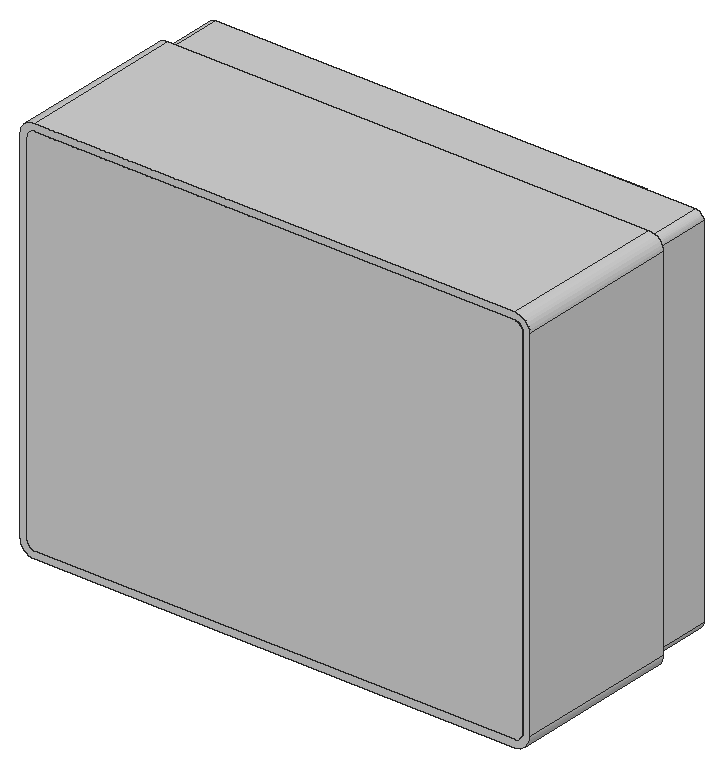
Revit family "Building-IEC309Connections-GEWISS-44IB-INTERLOCKED-SOCKET-OUTLETS_IP44_WITH_BOTTOM_FUS", category Apparecchi elettrici, host Muro, Revit 2016
Family settings
  Host = Muro
  Mantenere orientamento annotazione = Sì
  Tipo di parte = Normale
  Quota connettore circolare = Usa diametro
  Numero OmniClass = 23.80.50.14
  Titolo OmniClass = Plug Connectors
  Sempre verticale = Sì
  Taglio con vuoti quando caricato = No
  Condiviso = No
  Punto di calcolo locali = No
Parameters (values of type "GW66044 - 32A 3P+N+E 500V H.INT.SOCK.O.W.B. 7H CBF")
  Working temperature = "-25 ÷ +40 °C"
  With back-mounting box = "Yes"
  Vista di pianta [instance] = yes
  Vetro = GEWISS - vetro
  Version file RFA = "18.0"
  URL = "https://www.gewiss.com/ww/en"
  Typology = "Horizontal"
  Tipo Simbolo = PRESAINDPFUS : 3P
  Thermo-pressure with ball = "125 °C (active parts) - 80 °C (passive parts)"
  Technical sheet = "https://www.gewiss.com/ww/en/search?q=GW66044"
  Struttura = GEWISS - Grigio RAL - 7035
  Simbolo [instance] = yes
  Shock resistance = "IK08"
  SEO = "Socket outlet"
  Reference h = "7"
  Realized by GEWISS S.p.A. = ""
  Rated voltage = "480-500V"
  Rated frequency (Hz) = "50/60 Hz"
  Rated current (In) = "32"
  Rated current (A) = "32"
  Protection = "Fuse-holder base (CBF)"
  Produttore = "GEWISS S.p.A."
  Presa = GEWISS - NERO
  Potenza = 500 V
  Operating temperature: = "-25 +40 °C"
  Numero poli = 3
  Number of poles = "3P+N+E"
  No. of poles = "3P+N+E"
  Modello = "GW66044"
  Immagine tipo = GW66032.jpg
  IP degree = "IP44"
  IFC.TypeObject = ""
  IFC.ExportType = ""
  IFC.ExportAs = ""
  IDT = "df42792c-0395-498e-ac0c-0b2d4cd197bd"
  IDF = "6ad67383-5a29-4481-a0b8-72c9e5411bd3"
  Glow wire test: = "850 °C (active parts) - 650 °C (passive parts)"
  Glow Wire Test = "850 °C (active parts) - 650 °C (passive parts)"
  Fuses holder = "gG"
  Fuse breacking capacity = "> 50 kA"
  Frequency = "50/60 Hz"
  Electrocod = "2220"
  EAN code = "8011564006225"
  Distanza orizzontale del simbolo [instance] = 0 mm
  Distanza dal muro [instance] = 0 mm
  Descrizione = "32A 3P+N+E 500V H.INT.SOCK.O.W.B. 7H CBF"
  Cornice simbolo [instance] = yes
  Colour: = "Black"
  Colour = "Black"
  Classificazione carico = Altro
  Catalogue Range = "44 IB"
  Catalogue = "BUILDING"
  Carico apparente = 0 VA
  COBie.Tagnumber = ""
  COBie.CreatedOn = ""
  COBie.CreatebBy = ""
  COBie.ComponentRegisterItemID = ""
  COBie.Component.TagNumber = ""
  COBie.Component.Space = ""
  COBie.Component.SerialNumber = ""
  COBie.Component.InstallationDate = ""
  COBie.Component.Description = ""
  COBie.Component.BarCode = ""
  Altezza da terra = 820 mm
Types (22, lengths in mm): name | Tipo Simbolo | Technical sheet | Reference h | Rated voltage | Rated current (In) | Rated current (A) | Presa | Potenza | Numero poli | Number of poles | No. of poles | Modello | Immagine tipo | IDT | Fuses holder | EAN code | Descrizione | Colour: | Colour
  GW66023 - 16A 2P+E 110V H.INT.SOCK.O.W.B. 4H CBF | PRESAINDPFUS : 2P | "https://www.gewiss.com/ww/en/search?q=GW66023" | "4" | "100-130V" | "16" | "16" | GEWISS - GIALLO | 110 V | 2 | "2P+E" | "2P+E" | "GW66023" | GW66023.jpg | "7089f5e2-a839-404b-b1ac-23f6156b561d" | "E14" | "8011564005891" | "16A 2P+E 110V H.INT.SOCK.O.W.B. 4H CBF" | "Yellow" | "Yellow"
  GW66024 - 16A 3P+E 110V H.INT.SOCK.O.W.B. 4H CBF | PRESAINDPFUS : 3P | "https://www.gewiss.com/ww/en/search?q=GW66024" | "4" | "100-130V" | "16" | "16" | GEWISS - GIALLO | 110 V | 3 | "3P+E" | "3P+E" | "GW66024" | GW66023.jpg | "faed8e30-7982-47ab-b1a3-6cb02420e8c1" | "E14" | "8011564005952" | "16A 3P+E 110V H.INT.SOCK.O.W.B. 4H CBF" | "Yellow" | "Yellow"
  GW66025 - 16A 3P+N+E 110V H.INT.SOCK.O.W.B. 4H CBF | PRESAINDPFUS : 3P | "https://www.gewiss.com/ww/en/search?q=GW66025" | "4" | "100-130V" | "16" | "16" | GEWISS - GIALLO | 110 V | 3 | "3P+N+E" | "3P+N+E" | "GW66025" | GW66023.jpg | "f794b271-261a-4955-9689-fe424ae59c58" | "E14" | "8011564005976" | "16A 3P+N+E 110V H.INT.SOCK.O.W.B. 4H CBF" | "Yellow" | "Yellow"
  GW66026 - 16A 2P+E 230V H.INT.SOCK.O.W.B. 6H CBF | PRESAINDPFUS : 2P | "https://www.gewiss.com/ww/en/search?q=GW66026" | "6" | "200-250V" | "16" | "16" | GEWISS -BLU | 230 V | 2 | "2P+E" | "2P+E" | "GW66026" | GW66026.jpg | "bef3f5e3-376a-4413-a2ae-b2fcd255f968" | "E14" | "8011564005907" | "16A 2P+E 230V H.INT.SOCK.O.W.B. 6H CBF" | "Blue" | "Blue"
  GW66027 - 16A 3P+E 230V H.INT.SOCK.O.W.B. 9H CBF | PRESAINDPFUS : 3P | "https://www.gewiss.com/ww/en/search?q=GW66027" | "9" | "200-250V" | "16" | "16" | GEWISS -BLU | 230 V | 3 | "3P+E" | "3P+E" | "GW66027" | GW66026.jpg | "71c747aa-cdfa-4e2f-be48-f6888ddb8eda" | "E14" | "8011564005914" | "16A 3P+E 230V H.INT.SOCK.O.W.B. 9H CBF" | "Blue" | "Blue"
  GW66028 - 16A 3P+N+E 230V H.INT.SOCK.O.W.B. 9H CBF | PRESAINDPFUS : 3P | "https://www.gewiss.com/ww/en/search?q=GW66028" | "9" | "200-250V" | "16" | "16" | GEWISS -BLU | 230 V | 3 | "3P+N+E" | "3P+N+E" | "GW66028" | GW66026.jpg | "211f3e4e-be92-4a07-9fb2-628839dfcca9" | "E14" | "8011564005983" | "16A 3P+N+E 230V H.INT.SOCK.O.W.B. 9H CBF" | "Blue" | "Blue"
  GW66029 - 16A 2P+E 400V H.INT.SOCK.O.W.B. 9H CBF | PRESAINDPFUS : 2P | "https://www.gewiss.com/ww/en/search?q=GW66029" | "9" | "380-415V" | "16" | "16" | GW - ROSSO | 400 V | 2 | "2P+E" | "2P+E" | "GW66029" | GW66029.jpg | "d4ac351d-1cb4-4c20-9424-959a358040b4" | "E14" | "8011564005945" | "16A 2P+E 400V H.INT.SOCK.O.W.B. 9H CBF" | "Red" | "Red"
  GW66030 - 16A 3P+E 400V H.INT.SOCK.O.W.B. 6H CBF | PRESAINDPFUS : 3P | "https://www.gewiss.com/ww/en/search?q=GW66030" | "6" | "380-415V" | "16" | "16" | GW - ROSSO | 400 V | 3 | "3P+E" | "3P+E" | "GW66030" | GW66029.jpg | "9a044153-0dc8-4aea-90c0-5b9d60a92764" | "E14" | "8011564005921" | "16A 3P+E 400V H.INT.SOCK.O.W.B. 6H CBF" | "Red" | "Red"
  GW66031 - 16A 3P+N+E 400V H.INT.SOCK.O.W.B. 6H CBF | PRESAINDPFUS : 3P | "https://www.gewiss.com/ww/en/search?q=GW66031" | "6" | "380-415V" | "16" | "16" | GW - ROSSO | 400 V | 3 | "3P+N+E" | "3P+N+E" | "GW66031" | GW66029.jpg | "97bfc1d2-dba9-4f15-a97c-6b4be0dd6ee4" | "E14" | "8011564005938" | "16A 3P+N+E 400V H.INT.SOCK.O.W.B. 6H CBF" | "Red" | "Red"
  GW66032 - 16A 3P+E 500V H.INT.SOCK.O.W.B. 7H CBF | PRESAINDPFUS : 3P | "https://www.gewiss.com/ww/en/search?q=GW66032" | "7" | "480-500V" | "16" | "16" | GEWISS - NERO | 500 V | 3 | "3P+E" | "3P+E" | "GW66032" | GW66032.jpg | "814da120-f07b-48a8-903f-843956a2b16c" | "gG" | "8011564005969" | "16A 3P+E 500V H.INT.SOCK.O.W.B. 7H CBF" | "Black" | "Black"
  GW66033 - 16A 3P+N+E 500V H.INT.SOCK.O.W.B. 7H CBF | PRESAINDPFUS : 3P | "https://www.gewiss.com/ww/en/search?q=GW66033" | "7" | "480-500V" | "16" | "16" | GEWISS - NERO | 500 V | 3 | "3P+N+E" | "3P+N+E" | "GW66033" | GW66032.jpg | "54b80668-78cd-4298-9e84-f3502b01ba6b" | "gG" | "8011564005990" | "16A 3P+N+E 500V H.INT.SOCK.O.W.B. 7H CBF" | "Black" | "Black"
  GW66034 - 32A 2P+E 110V H.INT.SOCK.O.W.B. 4H CBF | PRESAINDPFUS : 2P | "https://www.gewiss.com/ww/en/search?q=GW66034" | "4" | "100-130V" | "32" | "32" | GEWISS - GIALLO | 110 V | 2 | "2P+E" | "2P+E" | "GW66034" | GW66023.jpg | "e14145ee-42ad-4c2f-a1ae-1e5d2afd0aa0" | "E18" | "8011564006010" | "32A 2P+E 110V H.INT.SOCK.O.W.B. 4H CBF" | "Yellow" | "Yellow"
  GW66035 - 32A 3P+E 110V H.INT.SOCK.O.W.B. 4H CBF | PRESAINDPFUS : 3P | "https://www.gewiss.com/ww/en/search?q=GW66035" | "4" | "100-130V" | "32" | "32" | GEWISS - GIALLO | 110 V | 3 | "3P+E" | "3P+E" | "GW66035" | GW66023.jpg | "ec2e3317-898e-4865-b65e-7755d8ee4a45" | "E18" | "8011564006058" | "32A 3P+E 110V H.INT.SOCK.O.W.B. 4H CBF" | "Yellow" | "Yellow"
  GW66036 - 32A 3P+N+E 110V H.INT.SOCK.O.W.B. 4H CBF | PRESAINDPFUS : 3P | "https://www.gewiss.com/ww/en/search?q=GW66036" | "4" | "100-130V" | "32" | "32" | GEWISS - GIALLO | 110 V | 3 | "3P+N+E" | "3P+N+E" | "GW66036" | GW66023.jpg | "dc7ca188-32bf-4b8a-8f8d-33004da69451" | "E18" | "8011564006089" | "32A 3P+N+E 110V H.INT.SOCK.O.W.B. 4H CBF" | "Yellow" | "Yellow"
  GW66037 - 32A 2P+E 230V H.INT.SOCK.O.W.B. 6H CBF | PRESAINDPFUS : 2P | "https://www.gewiss.com/ww/en/search?q=GW66037" | "6" | "200-250V" | "32" | "32" | GEWISS -BLU | 230 V | 2 | "2P+E" | "2P+E" | "GW66037" | GW66026.jpg | "9219b392-53db-47fd-8626-02f59db4b2c3" | "E18" | "8011564006003" | "32A 2P+E 230V H.INT.SOCK.O.W.B. 6H CBF" | "Blue" | "Blue"
  GW66038 - 32A 3P+E 230V H.INT.SOCK.O.W.B. 9H CBF | PRESAINDPFUS : 3P | "https://www.gewiss.com/ww/en/search?q=GW66038" | "9" | "200-250V" | "32" | "32" | GEWISS -BLU | 230 V | 3 | "3P+E" | "3P+E" | "GW66038" | GW66026.jpg | "b5363449-777e-4122-bc3e-04f859593efd" | "E18" | "8011564006065" | "32A 3P+E 230V H.INT.SOCK.O.W.B. 9H CBF" | "Blue" | "Blue"
  GW66039 - 32A 3P+N+E 230V H.INT.SOCK.O.W.B. 9H CBF | PRESAINDPFUS : 3P | "https://www.gewiss.com/ww/en/search?q=GW66039" | "9" | "200-250V" | "32" | "32" | GEWISS -BLU | 230 V | 3 | "3P+N+E" | "3P+N+E" | "GW66039" | GW66026.jpg | "d8acc83b-5722-4cd3-87bf-d884a55272f4" | "E18" | "8011564006119" | "32A 3P+N+E 230V H.INT.SOCK.O.W.B. 9H CBF" | "Blue" | "Blue"
  GW66040 - 32A 2P+E 400V H.INT.SOCK.O.W.B. 9H CBF | PRESAINDPFUS : 2P | "https://www.gewiss.com/ww/en/search?q=GW66040" | "9" | "380-415V" | "32" | "32" | GW - ROSSO | 400 V | 2 | "2P+E" | "2P+E" | "GW66040" | GW66029.jpg | "b1fa73f3-0cfe-4431-999d-cca88d5c23a1" | "E18" | "8011564006041" | "32A 2P+E 400V H.INT.SOCK.O.W.B. 9H CBF" | "Red" | "Red"
  GW66041 - 32A 3P+E 400V H.INT.SOCK.O.W.B. 6H CBF | PRESAINDPFUS : 3P | "https://www.gewiss.com/ww/en/search?q=GW66041" | "6" | "380-415V" | "32" | "32" | GW - ROSSO | 400 V | 3 | "3P+E" | "3P+E" | "GW66041" | GW66029.jpg | "06b2d60c-f5c9-42ce-85d4-d74801b8748a" | "E18" | "8011564006027" | "32A 3P+E 400V H.INT.SOCK.O.W.B. 6H CBF" | "Red" | "Red"
  GW66042 - 32A 3P+N+E 400V H.INT.SOCK.O.W.B. 6H CBF | PRESAINDPFUS : 3P | "https://www.gewiss.com/ww/en/search?q=GW66042" | "6" | "380-415V" | "32" | "32" | GW - ROSSO | 400 V | 3 | "3P+N+E" | "3P+N+E" | "GW66042" | GW66029.jpg | "33cbc6e3-2c31-487a-9b59-384031c23020" | "E18" | "8011564006034" | "32A 3P+N+E 400V H.INT.SOCK.O.W.B. 6H CBF" | "Red" | "Red"
  GW66043 - 32A 3P+E 500V H.INT.SOCK.O.W.B. 7H CBF | PRESAINDPFUS : 3P | "https://www.gewiss.com/ww/en/search?q=GW66043" | "7" | "480-500V" | "32" | "32" | GEWISS - NERO | 500 V | 3 | "3P+E" | "3P+E" | "GW66043" | GW66032.jpg | "94724e19-a5ed-499c-9114-67e138ce8689" | "gG" | "8011564006072" | "32A 3P+E 500V H.INT.SOCK.O.W.B. 7H CBF" | "Black" | "Black"
  GW66044 - 32A 3P+N+E 500V H.INT.SOCK.O.W.B. 7H CBF | PRESAINDPFUS : 3P | "https://www.gewiss.com/ww/en/search?q=GW66044" | "7" | "480-500V" | "32" | "32" | GEWISS - NERO | 500 V | 3 | "3P+N+E" | "3P+N+E" | "GW66044" | GW66032.jpg | "df42792c-0395-498e-ac0c-0b2d4cd197bd" | "gG" | "8011564006225" | "32A 3P+N+E 500V H.INT.SOCK.O.W.B. 7H CBF" | "Black" | "Black"
Reference planes
  plane 1 "Muro": y = 0
  plane 2 "Centro (Sinistra/Destra)": x = 125
  plane 3 "Indietro": y = 75
  plane 4: z = 820
  plane 5: x = 125
Lines and regions (mm)
  Masking region 1, visible <- "Vista di pianta"
    outline origin (0, 0, 0) x (1, 0, 0) y (0, 1, 0)
      loop
        line (27, 75) -> (223, 75) -> (223, 139) -> (27, 139) -> (27, 75)
      loop
        line (49.01, 162) -> (98.488, 162) -> (98.488, 170) -> (49.01, 170) -> (49.01, 162)
      loop
        line (140.334, 170) -> (140.334, 162) -> (208.338, 162) -> (208.338, 170) -> (140.334, 170)
  Masking region 2, visible <- "Vista di pianta"
    outline origin (0, 0, 0) x (1, 0, 0) y (0, 1, 0)
      loop
        line (29.75, 162) -> (29.75, 139) -> (220.228, 139) -> (220.228, 162) -> (29.75, 162)
  Masking region 3
    outline origin (125, 0, 0) x (0, 1, 0) y (0, 0, 1)
      loop
        line (75, 820) -> (139, 820) -> (139, 970) -> (75, 970) -> (75, 820)
      loop
        line (162, 960.961) -> (162, 871.413) -> (170, 871.413) -> (170, 960.961) -> (162, 960.961)
  Masking region 4
    outline origin (125, 0, 0) x (0, 1, 0) y (0, 0, 1)
      loop
        line (162, 967.25) -> (139, 967.25) -> (139, 822.772) -> (162, 822.772) -> (162, 967.25)
Text (mm)
  text "Lato posizionamento" at (-1848.837, 1116.779, 0), in view "Livello rif."
  text "Lato posizionamento" at (0, 1409.804, 2854.306), in view "Sinistra"
  text "Lato posizionamento" at (0, 499.811, 2980.732), in view "Destra"
Dimensions and locks
  locked: plane 3 "Indietro" to host wall
  "Altezza da terra": level to plane 4
  "Distanza orizzontale del simbolo": plane 5 to plane 2 "Centro (Sinistra/Destra)"
  aligned and locked: plane 1 "Muro" to host wall
  aligned and locked: plane 4 to nested 1
  aligned and locked: Masking region 1 sketch curve to nested 1  (x7)
  aligned and locked: nested 1 to Masking region 1 sketch curve
  aligned and locked: Masking region 2 sketch curve to nested 1  (x3)
  aligned and locked: plane 5 to nested 2
  aligned and locked: Masking region 3 sketch curve to nested 1  (x6)
  aligned and locked: nested 1 to Masking region 4 sketch curve
  aligned and locked: Masking region 4 sketch curve to nested 1
  aligned and locked: nested 3 to plane 4
  aligned and locked: plane 2 "Centro (Sinistra/Destra)" to nested 3
  aligned and locked: nested 1 to plane 3 "Indietro"
Automatic sketch dimensions
  Masking region 1 sketch curve to Masking region 1 sketch curve = 22.01 mm
  Masking region 1 sketch curve to plane 2 "Centro (Sinistra/Destra)" = 26.512 mm
  plane 2 "Centro (Sinistra/Destra)" to Masking region 1 sketch curve = 15.334 mm
  Masking region 1 sketch curve to Masking region 1 sketch curve = 14.662 mm
  plane 2 "Centro (Sinistra/Destra)" to Masking region 2 sketch curve = 95.228 mm
  plane 4 to Masking region 3 sketch curve = 51.413 mm
  Masking region 3 sketch curve to Masking region 3 sketch curve = 9.039 mm
  plane 4 to Masking region 4 sketch curve = 2.772 mm
  Masking region 4 sketch curve to Masking region 4 sketch curve = 144.478 mm
Nested families
  nested 1: "IB PRESE INTERBLOC portaf ORIZ" at (125, 75, 233.117) x (-1, 0, 0) z (0, 0, 1), type "IB PRESE INTERBLOC portaf ORIZ"
  nested 2: "PRESAINDPFUS" at (125, 73, 0), Distanza dal muro <- "Distanza dal muro", BORDO ACCESO <- "Cornice simbolo", SIMBOLO ACCESO <- "Simbolo", type <- "Tipo Simbolo", type "3P"
    with SIMBOLO ACCESO yes, Distanza dal muro 0 mm, BORDO ACCESO yes
  nested 3: "2D - IB PRESE INTERBLOC ORIZ + PORTAFUS IP44" at (125, 0, 895) x (-1, 0, 0) z (0, -1, 0), type "BIDIMENSIONALE"
Connectors
  electrical at (125, 107, 820), driven by "Numero poli", driven by "Classificazione carico", driven by "Carico apparente", driven by "Potenza"
    settings: on nested 1, index 1, voltage 500 V, apparent load 0 VA, apparent load phase1 0 VA, apparent load phase2 0 VA, apparent load phase3 0 VA, power factor 1, load classification "Altro", number of poles 3, system type 31, power factor state 1, is connector primary yes, connector utility no, sub classification motor no, connector description ""
Definition of nested family "IB PRESE INTERBLOC portaf ORIZ"
  Parameters (values of type "IB PRESE INTERBLOC portaf ORIZ")
    Vetro = none
    Struttura = none
    Spessore = 160 mm
    Default Elevation = 14 mm
    Presa = none
    Lunghezza = 196 mm
    IFC.TypeObject = ""
    IFC.ExportType = ""
    IFC.ExportAs = ""
    H_da terra = 586.883 mm
    COBie.CreatedOn = ""
    COBie.CreatebBy = ""
    COBie.ComponentRegisterItemID = ""
    COBie.Component.TagNumber = ""
    COBie.Component.Space = ""
    COBie.Component.SerialNumber = ""
    COBie.Component.InstallationDate = ""
    COBie.Component.Description = ""
    COBie.Component.BarCode = ""
    Altezza = 150 mm
  Reference planes
    plane 1 "Centro (Fronte/Retro)": y = 0
    plane 2: z = 0
    plane 3 "Centro (Sinistra/Destra)": x = 0
    plane 4: y = -64
    plane 5: x = -98
    plane 6: z = 736.883
    plane 7: x = 98
    plane 8: z = 586.883
    plane 9: z = 734.133
    plane 10: x = -95.25
    plane 11: z = 589.633
    plane 12: x = 95.25
    plane 13: y = -87
    plane 14: y = -95
  Forms (mm)
    Extrusion 1, solid, material <- "Struttura"
      sketch origin (0, 0, 0) x (1, 0, 0) y (0, 0, 1)
        loop
          arc (-92.456, 736.883) -> (-96.376, 735.259) -> (-98, 731.34) r 5.544
          line (-98, 731.34) -> (-98, 592.427)
          arc (-98, 592.427) -> (-96.376, 588.507) -> (-92.456, 586.883) r 5.544
          line (-92.456, 586.883) -> (92.456, 586.883)
          arc (92.456, 586.883) -> (96.376, 588.507) -> (98, 592.427) r 5.544
          line (98, 592.427) -> (98, 731.34)
          arc (98, 731.34) -> (96.376, 735.259) -> (92.456, 736.883) r 5.544
          line (92.456, 736.883) -> (-92.456, 736.883)
      from 0 to 64
    Extrusion 2, solid, material <- "Struttura"
      sketch origin (0, 0, 0) x (1, 0, 0) y (0, 0, 1)
        loop
          line (-95.25, 731.134) -> (-95.25, 592.633)
          arc (-95.25, 592.633) -> (-94.372, 590.512) -> (-92.251, 589.633) r 3
          line (-92.251, 589.633) -> (92.251, 589.633)
          arc (92.251, 589.633) -> (94.372, 590.512) -> (95.25, 592.633) r 3
          line (95.25, 592.633) -> (95.25, 731.134)
          arc (95.25, 731.134) -> (94.372, 733.255) -> (92.251, 734.133) r 3
          line (92.251, 734.133) -> (-92.251, 734.133)
          arc (-92.251, 734.133) -> (-94.372, 733.255) -> (-95.25, 731.134) r 3
      from 0 to 87
    Extrusion 3, solid
      sketch origin (0, 0, 0) x (1, 0, 0) y (0, 0, 1)
        loop
          circle (51.251, 703.105) r 24.739
        loop
          circle (51.251, 703.105) r 22.94
      from 87 to 95
    Extrusion 4, solid
      sketch origin (0, 0, 0) x (1, 0, 0) y (0, 0, 1)
        loop
          arc (44.954, 681.047) -> (51.251, 680.165) -> (57.548, 681.047) r 22.94
          line (57.548, 681.047) -> (57.548, 725.164)
          arc (57.548, 725.164) -> (51.251, 726.045) -> (44.954, 725.164) r 22.94
          line (44.954, 725.164) -> (44.954, 681.047)
      from 87 to 95
    Extrusion 5, solid
      sketch origin (0, 0, 0) x (1, 0, 0) y (0, 0, 1)
        loop
          line (-45.177, 720.626) -> (-77.753, 720.626)
          arc (-77.753, 720.626) -> (-83.817, 718.114) -> (-86.328, 712.051) r 8.576
          line (-86.328, 712.051) -> (-86.328, 643.46)
          arc (-86.328, 643.46) -> (-83.818, 637.4) -> (-77.758, 634.89) r 8.57
          line (-77.758, 634.89) -> (-19.254, 634.89)
          arc (-19.254, 634.89) -> (-13.188, 637.402) -> (-10.675, 643.468) r 8.578
          line (-10.675, 643.468) -> (-10.675, 712.051)
          arc (-10.675, 712.051) -> (-13.187, 718.114) -> (-19.25, 720.626) r 8.575
          line (-19.25, 720.626) -> (-45.177, 720.626)
      from 87 to 87.989
    Extrusion 6, solid, material <- "Presa"
      sketch origin (0, 0, 0) x (1, 0, 0) y (0, 0, 1)
        loop
          circle (-49.336, 677.759) r 34.002
      from 87 to 95
    Extrusion 7, solid, material <- "Presa"
      sketch origin (0, 0, 0) x (1, 0, 0) y (0, 0, 1)
        loop
          line (-33.371, 725.547) -> (-63.631, 725.547) -> (-63.631, 647.738)
          arc (-63.631, 647.738) -> (-62.237, 643.203) -> (-58.535, 640.236) r 8.07
          arc (-58.535, 640.236) -> (-48.501, 638.067) -> (-38.467, 640.236) r 24.294
          arc (-38.467, 640.236) -> (-34.765, 643.203) -> (-33.371, 647.738) r 8.07
          line (-33.371, 647.738) -> (-33.371, 725.547)
      from 87 to 99.049
    Extrusion 8, void
      sketch origin (0, 0, 0) x (1, 0, 0) y (0, 0, 1)
        loop
          line (92.023, 656.435) -> (8.849, 656.435)
          arc (8.849, 656.435) -> (7.423, 655.844) -> (6.832, 654.417) r 2.017
          line (6.832, 654.417) -> (6.832, 592.867)
          arc (6.832, 592.867) -> (7.423, 591.44) -> (8.849, 590.85) r 2.017
          line (8.849, 590.85) -> (92.023, 590.85)
          arc (92.023, 590.85) -> (93.449, 591.44) -> (94.04, 592.867) r 2.017
          line (94.04, 592.867) -> (94.04, 654.417)
          arc (94.04, 654.417) -> (93.449, 655.844) -> (92.023, 656.435) r 2.017
      from 82.324 to 87
    Extrusion 9, solid, material <- "Vetro"
      sketch origin (0, 0, 0) x (1, 0, 0) y (0, 0, 1)
        loop
          arc (8.849, 656.435) -> (7.423, 655.844) -> (6.832, 654.417) r 2.017
          line (6.832, 654.417) -> (6.832, 592.867)
          arc (6.832, 592.867) -> (7.423, 591.44) -> (8.849, 590.85) r 2.017
          line (8.849, 590.85) -> (92.023, 590.85)
          arc (92.023, 590.85) -> (93.449, 591.44) -> (94.04, 592.867) r 2.017
          line (94.04, 592.867) -> (94.04, 654.417)
          arc (94.04, 654.417) -> (93.449, 655.844) -> (92.023, 656.435) r 2.017
          line (92.023, 656.435) -> (8.849, 656.435)
      from 82.324 to 87
  Cuts and joins
    Extrusion 8 cuts Extrusion 1
    Extrusion 8 cuts Extrusion 2
  Dimensions and locks
    "H_da terra": plane 8 to plane 2
    "Altezza": plane 6 to plane 8
    equal spacing: plane 5, plane 3 "Centro (Sinistra/Destra)", plane 7
    "Lunghezza": plane 5 to plane 7
    locked: plane 1 "Centro (Fronte/Retro)" to plane 4 at 64
    locked: plane 5 to plane 10 at 2.75
    locked: plane 7 to plane 12 at 2.75
    locked: plane 6 to plane 9 at 2.75
    locked: plane 11 to plane 8 at 2.75
    locked: plane 4 to plane 13 at 23
    locked: plane 7 to Extrusion 3 sketch curve at 46.749  (x2)
    locked: plane 14 to plane 13 at 8
    locked: Extrusion 5 sketch curve to Extrusion 5 sketch curve at 75.653
    locked: plane 5 to Extrusion 5 sketch curve at 11.672
    locked: plane 6 to Extrusion 5 sketch curve at 16.257
    locked: Extrusion 5 to Extrusion 2 at 0.989
    locked: cut or joined group of Extrusion 2, Extrusion 8 to cut or joined group of Extrusion 2, Extrusion 8 at 4.676
    plane 8 to Extrusion 9 = 69.552 mm
    aligned and locked: level to plane 2
    aligned and locked: Extrusion 1 sketch curve to plane 6
    aligned and locked: Extrusion 1 sketch curve to plane 5
    aligned and locked: Extrusion 1 sketch curve to plane 7
    aligned and locked: Extrusion 1 sketch curve to plane 8
    aligned and locked: Extrusion 1 to plane 4
    aligned and locked: Extrusion 2 sketch curve to plane 10
    aligned and locked: Extrusion 2 sketch curve to plane 11
    aligned and locked: Extrusion 2 sketch curve to plane 9
    aligned and locked: Extrusion 2 sketch curve to plane 12
    aligned and locked: Extrusion 2 to plane 13
    aligned and locked: Extrusion 3 to Extrusion 2
    aligned and locked: plane 14 to Extrusion 3
    aligned and locked: plane 13 to Extrusion 4
    aligned and locked: plane 14 to Extrusion 4
    aligned and locked: plane 13 to Extrusion 5
    aligned and locked: plane 13 to Extrusion 6
    aligned and locked: plane 14 to Extrusion 6
    aligned and locked: plane 13 to Extrusion 7
    aligned and locked: Extrusion 8 to plane 13
    aligned and locked: Extrusion 9 to cut or joined group of Extrusion 2, Extrusion 8
    aligned and locked: Extrusion 9 to plane 13
  Automatic sketch dimensions
    Extrusion 1 sketch curve to plane 5 = 5.544 mm  (x2)
    Extrusion 1 sketch curve to plane 6 = 5.544 mm
    Extrusion 1 sketch curve to plane 7 = 5.544 mm
    plane 10 to Extrusion 2 sketch curve = 3 mm
    Extrusion 2 sketch curve to Extrusion 2 sketch curve = 3 mm  (x2)
    Extrusion 2 sketch curve to plane 11 = 3 mm
    Extrusion 3 sketch curve to Extrusion 3 sketch curve = 0 mm
    plane 9 to Extrusion 3 sketch curve = 31.028 mm
    Extrusion 4 sketch curve to plane 12 = 43.999 mm
    Extrusion 4 sketch curve to Extrusion 4 sketch curve = 6.297 mm
    plane 9 to Extrusion 4 sketch curve = 8.969 mm  (x2)
    Extrusion 4 sketch curve to Extrusion 4 sketch curve = 0 mm  (x3)
    Extrusion 4 sketch curve to Extrusion 4 sketch curve = 22.059 mm
    Extrusion 5 sketch curve to Extrusion 5 sketch curve = 8.57 mm
    Extrusion 5 sketch curve to Extrusion 5 sketch curve = 8.576 mm
    Extrusion 5 sketch curve to plane 3 "Centro (Sinistra/Destra)" = 19.25 mm
    Extrusion 5 sketch curve to Extrusion 5 sketch curve = 8.578 mm
    Extrusion 5 sketch curve to plane 11 = 45.257 mm
    plane 9 to Extrusion 5 sketch curve = 22.082 mm
    Extrusion 5 sketch curve to Extrusion 5 sketch curve = 32.575 mm
    Extrusion 5 sketch curve to Extrusion 5 sketch curve = 25.927 mm
    plane 10 to Extrusion 6 sketch curve = 45.914 mm
    plane 9 to Extrusion 6 sketch curve = 56.374 mm
    plane 10 to Extrusion 7 sketch curve = 31.619 mm
    Extrusion 7 sketch curve to Extrusion 7 sketch curve = 8.07 mm
    Extrusion 7 sketch curve to Extrusion 7 sketch curve = 7.061 mm
    Extrusion 7 sketch curve to Extrusion 7 sketch curve = 14.122 mm
    plane 9 to Extrusion 7 sketch curve = 8.586 mm
    Extrusion 7 sketch curve to Extrusion 7 sketch curve = 30.261 mm
    Extrusion 7 sketch curve to Extrusion 7 sketch curve = 63.187 mm
    Extrusion 7 sketch curve to Extrusion 7 sketch curve = 14.623 mm  (x2)
    Extrusion 7 sketch curve to Extrusion 7 sketch curve = 2.973 mm
    plane 3 "Centro (Sinistra/Destra)" to Extrusion 8 sketch curve = 6.832 mm
    Extrusion 8 sketch curve to plane 11 = 1.216 mm
    Extrusion 8 sketch curve to Extrusion 8 sketch curve = 2.017 mm  (x2)
    Extrusion 8 sketch curve to plane 12 = 3.227 mm  (x2)
    Extrusion 8 sketch curve to plane 12 = 1.21 mm
    Extrusion 8 sketch curve to Extrusion 8 sketch curve = 61.55 mm
    plane 3 "Centro (Sinistra/Destra)" to Extrusion 9 sketch curve = 6.832 mm
    Extrusion 9 sketch curve to Extrusion 9 sketch curve = 2.017 mm  (x2)
    Extrusion 9 sketch curve to plane 12 = 3.227 mm  (x2)
    Extrusion 9 sketch curve to plane 12 = 1.21 mm
    Extrusion 9 sketch curve to plane 11 = 1.216 mm
    Extrusion 9 sketch curve to Extrusion 9 sketch curve = 61.55 mm
    radius of Extrusion 3 sketch curve = 24.739 mm
    radius of Extrusion 3 sketch curve = 22.94 mm
    radius of Extrusion 6 sketch curve = 34.002 mm
Definition of nested family "PRESAINDPFUS"
  Parameters (values of type "2P")
    SIMBOLO ACCESO [instance] = yes
    SIMBOLO = PRESAINDPFUS_BASE : 2P
    Distanza dal muro [instance] = 0 mm
    BORDO ACCESO [instance] = yes
  Types (2, lengths in mm): name | SIMBOLO
    2P | PRESAINDPFUS_BASE : 2P
    3P | PRESAINDPFUS_BASE : 3P
  Reference planes
    plane 1: y = 0
    plane 2: x = 0
  Dimensions and locks
    "Distanza dal muro": plane 1 to nested 1
    aligned and locked: plane 2 to nested 1
  Nested families
    nested 1: "PRESAINDPFUS_BASE" at (0, 0, 0), type <- "SIMBOLO", CORNICE SIMBOLO <- "BORDO ACCESO", visible <- "SIMBOLO ACCESO", type "2P"
  Definition of nested family "PRESAINDPFUS_BASE"
    Parameters (values of type "3P")
      CORNICE SIMBOLO [instance] = yes
      3P = yes
    Types (2, lengths in mm): name | 3P
      3P | yes
      2P | no
    Reference planes
      plane 1: y = 0
      plane 2: x = 0
    Lines and regions (mm)
      detail lines, visible <- "CORNICE SIMBOLO"
        curve 1: line (-0.9, 2.4, 0) -> (0.9, 2.4, 0)
        curve 2: line (0.9, 2.4, 0) -> (0.9, 0.1, 0)
        curve 3: line (0.9, 0.1, 0) -> (-0.9, 0.1, 0)
        curve 4: line (-0.9, 0.1, 0) -> (-0.9, 2.4, 0)
      detail lines, not visible
        curve 5: line (-2.443, 10.208, 0) -> (2.057, 10.208, 0)
        curve 6: line (2.057, 10.208, 0) -> (2.057, 4.208, 0)
        curve 7: line (2.057, 4.208, 0) -> (-2.443, 4.208, 0)
        curve 8: line (-2.443, 4.208, 0) -> (-2.443, 10.208, 0)
        curve 9: line (-2.043, 9.808, 0) -> (1.657, 9.808, 0)
        curve 10: line (1.657, 9.808, 0) -> (1.657, 4.608, 0)
        curve 11: line (1.657, 4.608, 0) -> (-2.043, 4.608, 0)
        curve 12: line (-2.043, 4.608, 0) -> (-2.043, 9.808, 0)
      detail lines
        curve 13: line (-0.45, 1.069, 0) -> (-0.167, 1.069, 0)
        curve 14: line (-0.167, 1.069, 0) -> (0.33, 1.929, 0)
        curve 15: line (0.33, 1.929, 0) -> (0.836, 1.636, 0)
        curve 16: line (-0.167, 1.069, 0) -> (-0.45, 0.578, 0)
        curve 17: line (-0.45, 0.578, 0) -> (-0.45, 2.341, 0)
        curve 18: line (0.135, 1.591, 0) -> (0.641, 1.299, 0)
        curve 19: line (-0.84, 0.578, 0) -> (-0.06, 0.578, 0)
        curve 20: line (-0.45, 0.952, 0) -> (-0.333, 1.069, 0)
        curve 21: line (-0.45, 0.883, 0) -> (-0.264, 1.069, 0)
        curve 22: line (-0.45, 0.814, 0) -> (-0.195, 1.069, 0)
        curve 23: line (-0.45, 0.745, 0) -> (-0.223, 0.972, 0)
        curve 24: line (-0.45, 0.676, 0) -> (-0.317, 0.809, 0)
        curve 26: arc (-0.84, 0.189, 0) -> (-0.45, 0.578, 0) -> (-0.06, 0.189, 0) r 0.39
        curve 27: line (-0.608, 1.243, 0) -> (-0.608, 2.064, 0)
        curve 28: line (-0.608, 2.064, 0) -> (-0.292, 2.064, 0)
        curve 29: line (-0.292, 2.064, 0) -> (-0.292, 1.243, 0)
        curve 30: line (-0.292, 1.243, 0) -> (-0.608, 1.243, 0)
      detail lines, visible <- "3P"
        curve 25: line (-0.06, 1.254, 0) -> (0.446, 0.961, 0)
Definition of nested family "2D - IB PRESE INTERBLOC ORIZ + PORTAFUS IP44"
  Reference planes
    plane 1 "Centro (Fronte/Retro)": y = 0
    plane 2: z = 0
    plane 3 "Centro (Sinistra/Destra)": x = 0
  Lines and regions (mm)
    model lines, in view "Livello rif."
      curve 1: arc (-63.631, -14.146, 0) -> (-62.237, -18.68, 0) -> (-58.535, -21.647, 0) r 8.07
      curve 2: arc (-38.467, -21.647, 0) -> (-34.765, -18.68, 0) -> (-33.371, -14.146, 0) r 8.07
      curve 3: arc (-33.371, -13.45, 0) -> (-15.443, 14.003, 0) -> (-33.371, 41.455, 0) r 29.983
      curve 4: arc (-63.631, 41.455, 0) -> (-81.559, 14.003, 0) -> (-63.631, -13.45, 0) r 29.983
      curve 5: arc (-58.535, -21.647, 0) -> (-48.501, -23.816, 0) -> (-38.467, -21.647, 0) r 24.294
      curve 6: line (-63.631, 48.642, 0) -> (-33.371, 48.642, 0)
      curve 7: line (-33.371, -14.146, 0) -> (-33.371, 63.664, 0)
      curve 8: line (-33.371, 63.664, 0) -> (-63.631, 63.664, 0)
      curve 9: line (-63.631, 63.664, 0) -> (-63.631, -14.146, 0)
      curve 10: circle (35.958, 41.222, 0) r 4.498 normal (0, 0, 1)
      curve 11: circle (51.251, 41.222, 0) r 24.739 normal (0, 0, 1)
      curve 12: arc (75.965, -62.439, 0) -> (74.192, -58.16, 0) -> (69.913, -56.387, 0) r 6.052
      curve 13: arc (32.589, -56.387, 0) -> (28.306, -58.163, 0) -> (26.537, -62.448, 0) r 6.052
      curve 14: arc (8.849, -5.448, 0) -> (7.423, -6.039, 0) -> (6.832, -7.466, 0) r 2.017
      curve 15: arc (6.832, -69.016, 0) -> (7.423, -70.443, 0) -> (8.849, -71.034, 0) r 2.017
      curve 16: arc (92.023, -71.034, 0) -> (93.449, -70.443, 0) -> (94.04, -69.016, 0) r 2.017
      curve 17: arc (94.04, -7.466, 0) -> (93.449, -6.039, 0) -> (92.023, -5.448, 0) r 2.017
      curve 18: arc (-10.675, 50.161, 0) -> (-13.183, 56.23, 0) -> (-19.249, 58.746, 0) r 8.574
      curve 19: arc (-19.26, -26.993, 0) -> (-13.187, -24.482, 0) -> (-10.675, -18.408, 0) r 8.574
      curve 20: arc (-86.327, -18.43, 0) -> (-83.816, -24.482, 0) -> (-77.764, -26.993, 0) r 8.574
      curve 21: arc (-77.753, 58.746, 0) -> (-83.82, 56.23, 0) -> (-86.327, 50.161, 0) r 8.574
      curve 22: arc (-92.5, 75, 0) -> (-96.389, 73.389, 0) -> (-98, 69.5, 0) r 5.5
      curve 23: arc (98, 69.5, 0) -> (96.389, 73.389, 0) -> (92.5, 75, 0) r 5.5
      curve 24: arc (92.5, -75, 0) -> (96.389, -73.389, 0) -> (98, -69.5, 0) r 5.5
      curve 25: arc (-98, -69.5, 0) -> (-96.389, -73.389, 0) -> (-92.5, -75, 0) r 5.5
      curve 26: line (57.548, 19.164, 0) -> (57.548, 63.281, 0)
      curve 27: line (44.954, 19.164, 0) -> (44.954, 63.281, 0)
      curve 28: line (32.589, -56.387, 0) -> (69.913, -56.387, 0)
      curve 29: line (75.965, -62.439, 0) -> (75.965, -67.42, 0)
      curve 30: line (75.965, -67.42, 0) -> (81.513, -67.42, 0)
      curve 31: line (81.513, -67.42, 0) -> (81.513, -68.996, 0)
      curve 32: line (81.513, -68.996, 0) -> (20.989, -68.996, 0)
      curve 33: line (20.989, -68.996, 0) -> (20.989, -67.42, 0)
      curve 34: line (20.989, -67.42, 0) -> (26.537, -67.42, 0)
      curve 35: line (26.537, -67.42, 0) -> (26.537, -62.448, 0)
      curve 36: line (94.04, -69.016, 0) -> (94.04, -7.466, 0)
      curve 37: line (6.832, -69.016, 0) -> (6.832, -7.466, 0)
      curve 38: line (8.849, -71.034, 0) -> (92.023, -71.034, 0)
      curve 39: line (92.5, -5.448, 0) -> (8.849, -5.448, 0)
      curve 40: line (-77.753, 58.746, 0) -> (-63.631, 58.746, 0)
      curve 41: line (-10.675, 50.161, 0) -> (-10.675, -18.408, 0)
      curve 42: line (-19.26, -26.993, 0) -> (-77.764, -26.993, 0)
      curve 43: line (-86.327, -18.43, 0) -> (-86.327, 50.161, 0)
      curve 44: line (-98, 69.5, 0) -> (-98, -69.5, 0)
      curve 45: line (98, 69.5, 0) -> (98, -69.5, 0)
      curve 46: line (-92.5, 75, 0) -> (92.5, 75, 0)
      curve 47: line (-92.5, -75, 0) -> (92.5, -75, 0)
      curve 48: line (-70.501, -58.746, 0) -> (-70.501, -42.246, 0)
      curve 49: line (-70.501, -42.246, 0) -> (-26.502, -42.246, 0)
      curve 50: line (-26.502, -42.246, 0) -> (-26.502, -58.746, 0)
      curve 51: line (-26.502, -58.746, 0) -> (-70.501, -58.746, 0)
      curve 52: line (-33.371, 58.746, 0) -> (-19.249, 58.746, 0)
    detail lines, in view "Livello rif.", detail levels coarse
      curve 53: line (44.954, 63.281, 0) -> (57.548, 63.281, 0)
      curve 54: line (44.954, 19.164, 0) -> (57.548, 19.164, 0)
